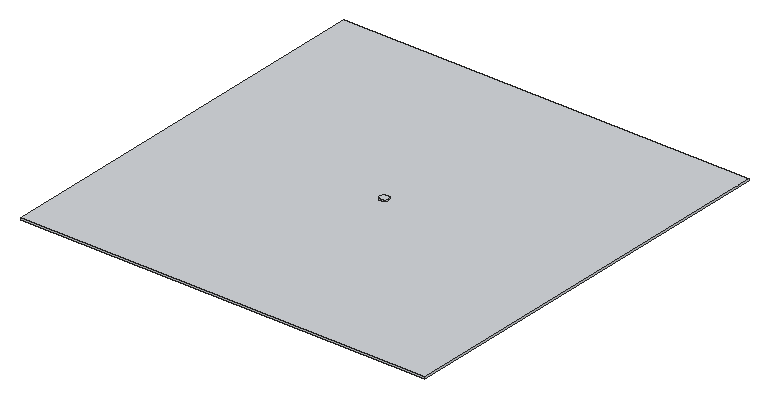
Revit family "GPC-CWFU", category Plumbing Equipment, host Face, Revit 2025
Family settings
  Host = Face
  Round Connector Dimension = Use Radius
  Classification = None
  Part Type = Normal
  OmniClass Number = 23.45.05.21.11.11
  OmniClass Title = Water Operated Water Closets
  Cut with Voids When Loaded = No
  Maintain Annotation Orientation = No
  Shared = No
  Room Calculation Point = No
Parameters (values of type "6 UDG")
  WFU = 3
  HWFU = 0
  Flow Pressure [instance] = 25.00 psi
  Cold Water Diameter [instance] = Cold Water Radius * 2  # 1"
  Cold Water Radius = 1/2"
  Pipe Material = none
  Default Elevation = 1' - 5"
  CWFU = 6
  Assembly Code = ""
Types (12): name | WFU | CWFU
  6 UDG | 3 | 6
  10 UDG | 4 | 10
  3 UDG | 3 | 3
  4.5 UDG | 3 | 4.5
  5 UDG | 3 | 5
  2 UDG | 3 | 2
  1 UDG | 3 | 1
  1.5 UDG | 3 | 1.5
  Public - 1.6 gpf | 4 | 10
  Private - 1.6 gpf | 3 | 6
  Private - Flushing Greater than 1.6 gpf | 4 | 6
  Public - Flushing Greater than 1.6 gpf | 6 | 10
Reference planes (in)
  plane 1 "Center (Front/Back)": y = 0
  plane 2: z = 0
  plane 3 "Center (Left/Right)": x = 0
Forms (in)
  Extrusion 1, solid
    sketch origin (0, 0, 0) x (1, 0, 0) y (0, 1, 0)
      loop
        line (-48, 48) -> (-48, -48) -> (48, -48) -> (48, 48) -> (-48, 48)
    from 0 to -0.39453
  Extrusion 2, solid, material <- "Pipe Material"
    sketch origin (15.94107, -25.42564, 0) x (0, 1, 0) y (-1, 0, 0)
      loop
        circle (25.42564, 15.94107) r 1
    from 0.11719 to 0
Lines and regions (in)
  reference lines
    curve 1: line (2.5, -7.75857, 0) -> (-2.5, -7.75857, 0)
    curve 2: line (0, -12.25857, 0) -> (0, 2.24143, 0)
Dimensions and locks (in)
  plane 1 "Center (Front/Back)" to Extrusion 2 = 0' - 0"
  aligned and locked: plane 2 to Extrusion 1
  aligned and locked: level to Extrusion 1
Connectors (in)
  piping at (0, 0, 0), diameter 1, driven by "CWFU", driven by "Cold Water Radius", driven by "Flow Pressure"
    settings: on Extrusion 2, index 1, connector inside diameter 1", connector length 0' - 0", flow factor 0, pipe flow 0 GPM, pressure drop 25.00 psi, fitting loss kfactor 0, connector angle 0.00°, fixture units 6, engagement length 0' - 0", angle of deflection 0.00°, flow configuration 3, flow direction 1, fitting loss method 4, system type 20, joint type 0, gender type 0, connector reference index -1, connector utility 0, adjustable connector no, is connector primary yes, connector description "In"
